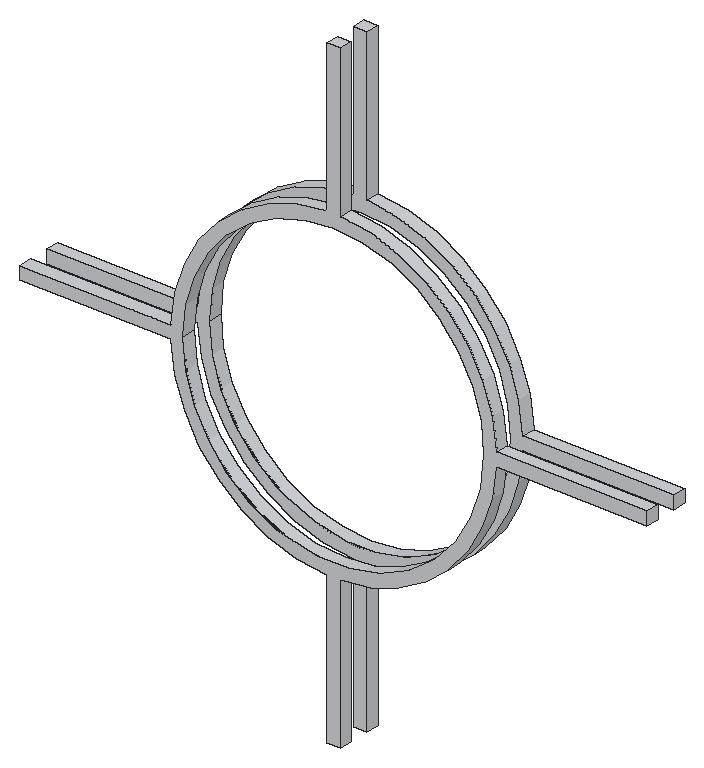
Revit family "M_Padrão do montante_círculo", category Modelos genéricos, Revit 2019
Family settings
  Pode hospedar o vergalhão = Não
  Cota do conector redondo = Utilizar diâmetro
  Tipo de parte = Normal
  Com base no plano de trabalho = Não
  Sempre na vertical = Sim
  Corte com vazios quando carregada = Não
  Compartilhado = Sim
  Ponto de cálculo do ambiente = Não
Parameters
  Espessura = 12.7 mm
  R interior = Raio - 6 mm  # 144 mm
  R exterior = Raio + 6 mm  # 156 mm
  Largura [instance] = 600 mm
  Raio = 150 mm
  Altura [instance] = 600 mm
  Material interior [instance] = none
  Material externo [instance] = none
  Distância = 19.05 mm
Reference planes
  plane 1 "Centro (Frente/Trás)": y = 0
  plane 2: z = 0
  plane 3 "Centro (Esquerda/Direita)": x = 0
  plane 4: z = 600
  plane 5: x = -300
  plane 6: x = 300
  plane 7: z = 300
  plane 8 "a": y = 9.525
  plane 9 "b": y = -9.525
  plane 10: z = 306.35
  plane 11: z = 293.65
  plane 12: x = -6.35
  plane 13: x = 6.35
  plane 14: y = 22.225
  plane 15: y = -22.225
  plane 16: x = -150
  plane 17: x = 150
  plane 18: z = 450
  plane 19: z = 150
Forms (mm)
  Extrusion 1, solid, material <- "Material externo", detail levels fine
    sketch origin (0, 9.525, 0) x (-1, 0, 0) y (0, 0, 1)
      loop
        circle (0, 300) r 144
      loop
        arc (155.871, 306.35) -> (110.309, 410.309) -> (6.35, 455.871) r 156
        line (6.35, 455.871) -> (6.35, 600) -> (-6.35, 600) -> (-6.35, 455.871)
        arc (-6.35, 455.871) -> (-110.309, 410.309) -> (-155.871, 306.35) r 156
        line (-155.871, 306.35) -> (-300, 306.35) -> (-300, 293.65) -> (-155.871, 293.65)
        arc (-155.871, 293.65) -> (-110.309, 189.691) -> (-6.35, 144.129) r 156
        line (-6.35, 144.129) -> (-6.35, 0) -> (6.35, 0) -> (6.35, 144.129)
        arc (6.35, 144.129) -> (110.309, 189.691) -> (155.871, 293.65) r 156
        line (155.871, 293.65) -> (300, 293.65) -> (300, 306.35) -> (155.871, 306.35)
    from 0 to 12.7
  Extrusion 2, solid, material <- "Material interior", detail levels fine
    sketch origin (0, -9.525, 0) x (-1, 0, 0) y (0, 0, 1)
      loop
        circle (0, 300) r 144
      loop
        arc (155.871, 306.35) -> (110.309, 410.309) -> (6.35, 455.871) r 156
        line (6.35, 455.871) -> (6.35, 600) -> (-6.35, 600) -> (-6.35, 455.871)
        arc (-6.35, 455.871) -> (-110.309, 410.309) -> (-155.871, 306.35) r 156
        line (-155.871, 306.35) -> (-300, 306.35) -> (-300, 293.65) -> (-155.871, 293.65)
        arc (-155.871, 293.65) -> (-110.309, 189.691) -> (-6.35, 144.129) r 156
        line (-6.35, 144.129) -> (-6.35, 0) -> (6.35, 0) -> (6.35, 144.129)
        arc (6.35, 144.129) -> (110.309, 189.691) -> (155.871, 293.65) r 156
        line (155.871, 293.65) -> (300, 293.65) -> (300, 306.35) -> (155.871, 306.35)
    from 0 to -12.7
Lines and regions (mm)
  model lines, detail levels medium
    curve 1: circle (0, 9.525, 300) r 150 normal (0, -1, 0)
    curve 2: line (0, 9.525, 600) -> (0, 9.525, 450)
    curve 3: line (150, 9.525, 300) -> (300, 9.525, 300)
    curve 4: line (-150, 9.525, 300) -> (-300, 9.525, 300)
    curve 5: line (0, -9.525, 600) -> (0, -9.525, 450)
    curve 6: line (150, -9.525, 300) -> (300, -9.525, 300)
    curve 7: line (-150, -9.525, 300) -> (-300, -9.525, 300)
    curve 8: circle (0, -9.525, 300) r 150 normal (0, -1, 0)
    curve 9: line (0, -9.525, 150) -> (0, -9.525, 0)
    curve 10: line (0, 9.525, 150) -> (0, 9.525, 0)
Dimensions and locks
  equal spacing: plane 6, plane 3 "Centro (Esquerda/Direita)", plane 5
  "Largura": plane 6 to plane 5
  "Altura": plane 4 to plane 2
  equal spacing: plane 4, plane 7, plane 2
  equal spacing: plane 8 "a", plane 1 "Centro (Frente/Trás)", plane 9 "b"
  "Distância": plane 8 "a" to plane 9 "b"
  locked: plane 10 to plane 7 at 6.35
  locked: plane 7 to plane 11 at 6.35
  locked: plane 3 "Centro (Esquerda/Direita)" to plane 12 at 6.35
  locked: plane 13 to plane 3 "Centro (Esquerda/Direita)" at 6.35
  "Espessura": plane 14 to plane 8 "a"
  "Espessura": plane 9 "b" to plane 15
  equal spacing: plane 17, plane 3 "Centro (Esquerda/Direita)", plane 16
  "Raio": plane 3 "Centro (Esquerda/Direita)" to plane 16
  equal spacing: plane 18, plane 7, plane 19
  "Raio": plane 18 to plane 7
  "Raio": radius of curve 1
  "R exterior": radius of Extrusion 1 sketch curve  (x4)
  "R interior": radius of Extrusion 1 sketch curve
  "R exterior": radius of Extrusion 2 sketch curve  (x4)
  "R interior": radius of Extrusion 2 sketch curve
  "Raio": radius of curve 8
  aligned and locked: plane 2 to level
  aligned and locked: curve 2 to plane 3 "Centro (Esquerda/Direita)"
  aligned and locked: plane 7 to curve 4
  aligned and locked: curve 3 to plane 7
  aligned and locked: Extrusion 1 sketch curve to Extrusion 1 sketch curve  (x4)
  aligned and locked: plane 4 to curve 2
  aligned and locked: plane 5 to curve 4
  aligned and locked: plane 6 to curve 3
  aligned and locked: Extrusion 1 sketch curve to plane 4
  aligned and locked: Extrusion 1 sketch curve to plane 6
  aligned and locked: Extrusion 1 sketch curve to plane 5
  aligned and locked: Extrusion 1 sketch curve to plane 2
  aligned and locked: plane 8 "a" to Extrusion 1
  aligned and locked: Extrusion 1 sketch curve to plane 10
  aligned and locked: plane 11 to Extrusion 1 sketch curve
  aligned and locked: plane 12 to Extrusion 1 sketch curve
  aligned and locked: Extrusion 1 sketch curve to plane 13
  aligned and locked: Extrusion 1 to plane 14
  aligned and locked: Extrusion 2 sketch curve to Extrusion 2 sketch curve  (x4)
  aligned and locked: plane 15 to Extrusion 2
  aligned and locked: plane 4 to curve 5
  aligned and locked: plane 5 to curve 7
  aligned and locked: plane 6 to curve 6
  aligned and locked: plane 17 to curve 3
  aligned and locked: plane 17 to curve 6
  aligned and locked: plane 19 to curve 9
  aligned and locked: plane 19 to curve 10
  aligned and locked: plane 2 to curve 9
  aligned and locked: plane 2 to curve 10
  aligned and locked: curve 9 to plane 3 "Centro (Esquerda/Direita)"
  aligned and locked: curve 10 to plane 3 "Centro (Esquerda/Direita)"
Automatic sketch dimensions
  Extrusion 1 sketch curve to Extrusion 1 sketch curve = 0 mm  (x20)
  Extrusion 1 sketch curve to plane 3 "Centro (Esquerda/Direita)" = 0 mm
  Extrusion 1 sketch curve to plane 7 = 0 mm
  Extrusion 2 sketch curve to Extrusion 2 sketch curve = 0 mm  (x20)
  Extrusion 2 sketch curve to plane 6 = 0 mm
  Extrusion 2 sketch curve to plane 10 = 0 mm
  Extrusion 2 sketch curve to plane 11 = 0 mm
  Extrusion 2 sketch curve to level = 0 mm
  Extrusion 2 sketch curve to plane 13 = 0 mm
  Extrusion 2 sketch curve to plane 3 "Centro (Esquerda/Direita)" = 0 mm
  Extrusion 2 sketch curve to plane 12 = 0 mm
  Extrusion 2 sketch curve to plane 5 = 0 mm
  Extrusion 2 sketch curve to plane 7 = 0 mm
  Extrusion 2 sketch curve to plane 4 = 0 mm
  curve 5 to plane 3 "Centro (Esquerda/Direita)" = 0 mm
  curve 6 to plane 7 = 0 mm
  curve 7 to plane 7 = 0 mm
